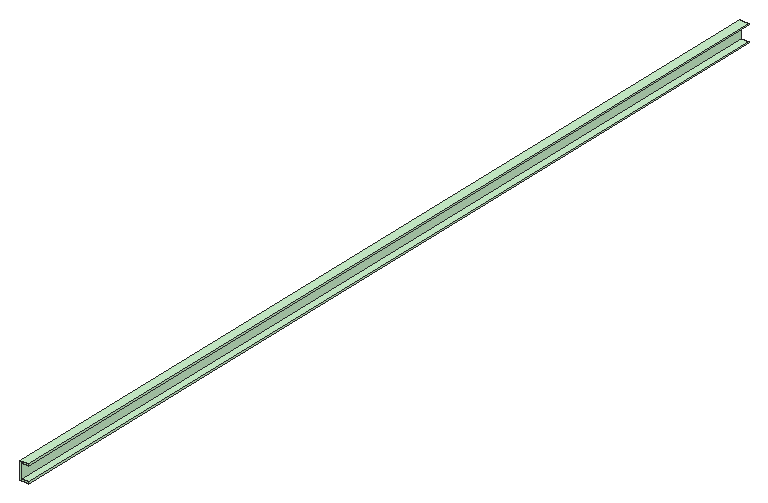
Revit family "wb19", category 機械設備, Revit 2022
Family settings
  丸型コネクタ寸法 = 直径を使用
  種別 = なし
  パーツ タイプ = 標準
  作業面ベース = いいえ
  常に垂直 = はい
  ロード時にボイドで切り取り = いいえ
  注釈の向きを維持 = いいえ
  共有 = いいえ
  部屋計算ポイント = いいえ
Parameters
  製造元 = "株式会社桐井製作所"
  既定の高さ = 0 mm
  URL = "https://www.kirii.co.jp/"
  K_長さ(mm) [instance] = 1000 mm
  K_材質 = "SGCCまたはSGHC一般用"
  K_断面積A(mm2) = 41.4
  K_断面係数Zy(mm3) = 225.7
  K_断面係数Zx(mm3) = 57.5
  K_断面2次半径iy(mm) = 7.2
  K_断面2次半径ix(mm) = 3.1
  K_断面2次モーメントIy(mm4) = 2145
  K_断面2次モーメントIx(mm4) = 392.5
  K_外形寸法(mm) = "19×10×1.2"
  K_品名 = "WB-19"
  K_名称 = "振れ止め"
  K_単位質量(kg/個) = 0.332
  K_ヤング係数E(N/mm2) = 205000
  K_バージョン情報 = "20210524"
  K_めっき付着量 = "Z12"
  K_JIS規格 = "JIS G 3302"
  K_JIS外 [instance] = not(K_JIS)  # no
  K_JIS [instance] = yes
Reference planes
  plane 1 "中心(正面/背面)": y = 0
  plane 2: z = 0
  plane 3 "中心(左/右)": x = 0
  plane 4: y = 1000
  plane 5: z = 19
Forms (mm)
  Extrusion 1, solid
    sketch origin (12, 0, 0) x (1, 0, 0) y (0, 0, 1)
      loop
        line (-2, 19) -> (-12, 19) -> (-12, 0) -> (-2, 0) -> (-2, 1.2) -> (-10.8, 1.2) -> (-10.8, 17.8) -> (-2, 17.8) -> (-2, 19)
    from 0 to -1000
Dimensions and locks
  "K_長さ(mm)": plane 1 "中心(正面/背面)" to plane 4
  aligned and locked: level to plane 2
  aligned and locked: Extrusion 1 to plane 4
Automatic sketch dimensions
  Extrusion 1 sketch curve to plane 3 "中心(左/右)" = 0 mm
  Extrusion 1 sketch curve to plane 5 = 0 mm
  Extrusion 1 sketch curve to level = 0 mm
  level to Extrusion 1 sketch curve = 1.2 mm
  plane 3 "中心(左/右)" to Extrusion 1 sketch curve = 1.2 mm
  Extrusion 1 sketch curve to Extrusion 1 sketch curve = 1.2 mm
  Extrusion 1 sketch curve to Extrusion 1 sketch curve = 8.8 mm  (x2)
